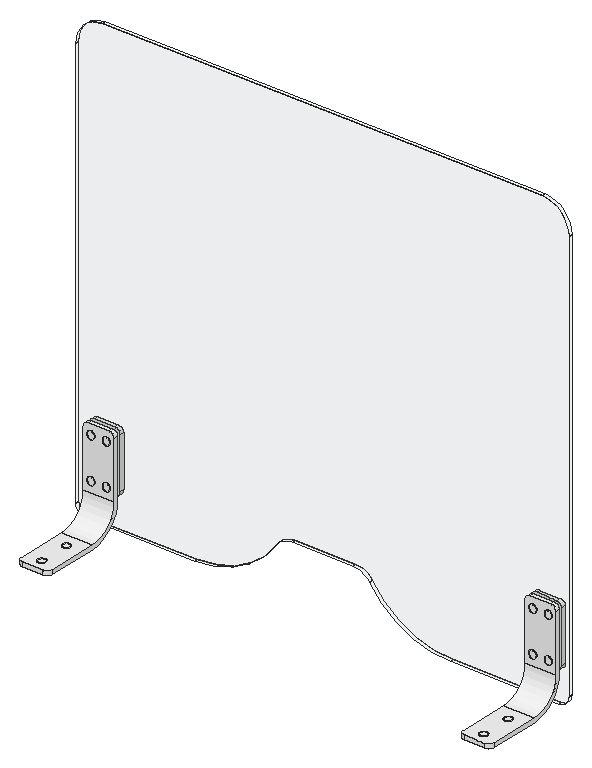
Revit family "Clarus_beShield_Back Bolt Legs_R18", category Furniture, host Face, Revit 2018
Family settings
  Host = Face
  Cut with Voids When Loaded = No
  Shared = No
  Room Calculation Point = No
Parameters (values of type "48" x 44"")
  Window [instance] = yes
  Width = 48"
  URL = "https://www.clarus.com/"
  TRC Standards [instance] = "http://therevitcollection.com/news/trc-news-the-revit-collection-standards-explained/"
  Shield [instance] = not(Window)  # no
  Product URL = "https://www.clarus.com/be-shield/"
  More Revit Families! [instance] = "www.therevitcollection.com"
  Modeled By = "Commense Studio"  # constant formula
  Model = "be! Shield"  # constant formula
  Manufacturer = "Clarus"  # constant formula
  Leg Finish [instance] = Clarus White
  Glass Depth = 3/8"
  Clarus Glass [instance] = Glass
  Description = "be! Shield is elegantly engineered to add a seamless layer of non-porous, antimicrobial tempered glass to ensure the health and safety of patrons and employees. It’s the perfect solution for the collaborative needs of your workspace."  # constant formula
  Height = 44"
  Designer = ""
  Depth = 12"  # constant formula
  Default Elevation = 0"
  Assembly Code = ""
Types (7): name | Width | Leg Finish | Height
  (no name) | 48" | Clarus White | 44"
  36" x 24" | 36" | Clarus Black | 24"
  48" x 24" | 48" | Clarus White | 24"
  36" x 34" | 36" | Clarus White | 34"
  48" x 34" | 48" | Clarus Black | 34"
  36" x 44" | 36" | Clarus Black | 44"
  48" x 44" | 48" | Clarus White | 44"
Reference planes (in)
  plane 1 "Center (Front/Back)": y = 0
  plane 2: z = 0
  plane 3 "Center (Left/Right)": x = 0
  plane 4 "L": x = -24
  plane 5 "R": x = 24
  plane 6 "B": y = 0.1875
  plane 7 "F": y = -0.1875
  plane 8: z = 44
  plane 9: x = 12.5
  plane 10: x = -12.5
  plane 11: z = 5.25
  plane 12: x = -21.5
  plane 13: x = 21.5
Forms (in)
  Extrusion 1, solid, material "Glass" <- "Clarus Glass", visible <- "Window"
    sketch origin (0, 0, 0) x (1, 0, 0) y (0, 0, 1)
      loop
        arc (-21.375, 44) -> (-23.23116, 43.23116) -> (-24, 41.375) r 2.625
        line (-24, 41.375) -> (-24, 1.25)
        arc (-24, 1.25) -> (-23.70711, 0.54289) -> (-23, 0.25) r 1
        line (-23, 0.25) -> (-12.42908, 0.25)
        arc (-12.42908, 0.25) -> (-7.99968, 1.34581) -> (-4.59213, 4.38043) r 9.5
        arc (-4.59213, 4.38043) -> (-3.87475, 5.0193) -> (-2.94225, 5.25) r 2
        line (-2.94225, 5.25) -> (2.94225, 5.25)
        arc (2.94225, 5.25) -> (3.87475, 5.0193) -> (4.59213, 4.38043) r 2
        arc (4.59213, 4.38043) -> (7.99968, 1.34581) -> (12.42908, 0.25) r 9.5
        line (12.42908, 0.25) -> (23, 0.25)
        arc (23, 0.25) -> (23.70711, 0.54289) -> (24, 1.25) r 1
        line (24, 1.25) -> (24, 41.375)
        arc (24, 41.375) -> (23.23116, 43.23116) -> (21.375, 44) r 2.625
        line (21.375, 44) -> (-21.375, 44)
    from -0.1875 to 0.1875
  Extrusion 2, solid, material "Glass" <- "Clarus Glass", visible <- "Shield"
    sketch origin (0, 0, 0) x (1, 0, 0) y (0, 0, 1)
      loop
        arc (-21.375, 44) -> (-23.23116, 43.23116) -> (-24, 41.375) r 2.625
        line (-24, 41.375) -> (-24, 1.25)
        arc (-24, 1.25) -> (-23.70711, 0.54289) -> (-23, 0.25) r 1
        line (-23, 0.25) -> (23, 0.25)
        arc (23, 0.25) -> (23.70711, 0.54289) -> (24, 1.25) r 1
        line (24, 1.25) -> (24, 41.375)
        arc (24, 41.375) -> (23.23116, 43.23116) -> (21.375, 44) r 2.625
        line (21.375, 44) -> (-21.375, 44)
    from -0.1875 to 0.1875
Dimensions and locks (in)
  equal spacing: plane 4 "L", plane 3 "Center (Left/Right)", plane 5 "R"
  "Width": plane 4 "L" to plane 5 "R"
  equal spacing: plane 7 "F", plane 1 "Center (Front/Back)", plane 6 "B"
  "Glass Depth": plane 7 "F" to plane 6 "B"
  "Height": plane 8 to level
  plane 10 to plane 3 "Center (Left/Right)" to plane 9 = 12 1/2", 12 1/2"
  plane 11 to level = 5 1/4"
  locked: plane 4 "L" to plane 12 at 2.5
  locked: plane 13 to plane 5 "R" at 2.5
  aligned and locked: plane 2 to host face
  aligned and locked: level to host face
  aligned and locked: Extrusion 1 sketch curve to plane 11
  aligned and locked: Extrusion 1 to plane 6 "B"
  aligned and locked: plane 7 "F" to Extrusion 1
  aligned and locked: nested 1 to plane 12
  aligned and locked: plane 13 to nested 2
  aligned and locked: plane 4 "L" to Extrusion 2 sketch curve
  aligned and locked: Extrusion 2 sketch curve to plane 5 "R"
  aligned and locked: Extrusion 2 sketch curve to plane 8
  aligned and locked: nested 1 to plane 6 "B"
  aligned and locked: plane 6 "B" to nested 2
Automatic sketch dimensions
  host sketch curve to host sketch curve = 96"  (x2)
  Extrusion 1 sketch curve to plane 4 "L" = 0"
  Extrusion 1 sketch curve to plane 8 = 0"
  Extrusion 1 sketch curve to plane 5 "R" = 0"
  level to Extrusion 1 sketch curve = 1/4"  (x2)
  plane 4 "L" to Extrusion 1 sketch curve = 1"
  plane 4 "L" to Extrusion 1 sketch curve = 2 5/8"
  Extrusion 1 sketch curve to plane 3 "Center (Left/Right)" = 2.94225"
  plane 3 "Center (Left/Right)" to Extrusion 1 sketch curve = 2.94225"
  Extrusion 1 sketch curve to plane 9 = 0.07092"
  Extrusion 1 sketch curve to Extrusion 1 sketch curve = 2 5/8"
  Extrusion 1 sketch curve to plane 5 "R" = 1"
  Extrusion 1 sketch curve to plane 11 = 2"  (x2)
  plane 11 to Extrusion 1 sketch curve = 4 1/2"  (x2)
  Extrusion 1 sketch curve to plane 10 = 0.07092"
  level to Extrusion 2 sketch curve = 1/4"
  plane 4 "L" to Extrusion 2 sketch curve = 1"
  Extrusion 2 sketch curve to plane 12 = 1/8"
  Extrusion 2 sketch curve to plane 13 = 1/8"
  Extrusion 2 sketch curve to Extrusion 2 sketch curve = 1"
Nested families (in)
  nested 1: "Clarus_beShield_Back Bolt_R18" at (-21.5, 0.5625, 0), Core Finish <- "Leg Finish", type "Clamp"
    with TRC Standards "http://therevitcollection.com/news/trc-news-the-revit-collection-standards-explained/", More Revit Families! "www.therevitcollection.com", Core Finish Clarus White
  nested 2: "Clarus_beShield_Back Bolt_R18" at (21.5, 0.5625, 0), Core Finish <- "Leg Finish", type "Clamp"
    with TRC Standards "http://therevitcollection.com/news/trc-news-the-revit-collection-standards-explained/", More Revit Families! "www.therevitcollection.com", Core Finish Clarus White
Definition of nested family "Clarus_beShield_Back Bolt_R18"
  Parameters (values of type "Clamp")
    Width = 3"  # constant formula
    URL = "https://www.clarus.com/"
    TRC Standards [instance] = "http://therevitcollection.com/news/trc-news-the-revit-collection-standards-explained/"
    Product URL = "https://www.clarus.com/be-shield/"
    More Revit Families! [instance] = "www.therevitcollection.com"
    Modeled By = "Commense Studio"  # constant formula
    Model = "be! Shield"  # constant formula
    Manufacturer = "Clarus"  # constant formula
    Core Finish [instance] = none
    Description = "be! Shield Leg Configs"  # constant formula
    Height = 9"  # constant formula
    Designer = ""
    Depth = 8 7/8"  # constant formula
    Default Elevation = 0"
    Assembly Code = ""
  Reference planes (in)
    plane 1 "Center (Front/Back)": y = 0
    plane 2: z = 0
    plane 3 "Center (Left/Right)": x = 0
    plane 4 "L": x = -1.5
    plane 5 "R": x = 1.5
    plane 6 "F": y = -9.125
    plane 7: z = 9
    plane 8: y = -0.375
    plane 9: y = -0.75
    plane 10: y = -1.125
  Forms (in)
    Extrusion 1, solid
      sketch origin (0, 0, 0) x (1, 0, 0) y (0, 1, 0)
        loop
          line (-48, 48) -> (-48, -48) -> (48, -48) -> (48, 48) -> (-48, 48)
      from 0 to -12
    Extrusion 2, solid, material <- "Core Finish"
      sketch origin (10.61611, 0, 0) x (0, 0, 1) y (0, -1, 0)
        loop
          line (0.375, 3.75) -> (0.375, 9.125) -> (0, 9.125) -> (0, 3.75)
          arc (0, 3.75) -> (0.87868, 1.62868) -> (3, 0.75) r 3
          line (3, 0.75) -> (3, 1.125)
          arc (3, 1.125) -> (1.14385, 1.89384) -> (0.375, 3.75) r 2.625
      from -12.11611 to -9.11611
    Extrusion 3, solid, material <- "Core Finish"
      sketch origin (0, 0, 0) x (1, 0, 0) y (0, 0, 1)
        loop
          arc (-1, 9) -> (-1.35355, 8.85355) -> (-1.5, 8.5) r 0.5
          line (-1.5, 8.5) -> (-1.5, 3.50001)
          arc (-1.5, 3.50001) -> (-1.35355, 3.14645) -> (-1, 3.00001) r 0.5
          line (-1, 3.00001) -> (1, 3.00001)
          arc (1, 3.00001) -> (1.35355, 3.14645) -> (1.5, 3.50001) r 0.5
          line (1.5, 3.50001) -> (1.5, 8.5)
          arc (1.5, 8.5) -> (1.35355, 8.85355) -> (1, 9) r 0.5
          line (1, 9) -> (-1, 9)
      from 0 to 0.375
    Extrusion 4, solid, material <- "Core Finish"
      sketch origin (0, -0.75984, 0) x (1, 0, 0) y (0, 0, 1)
        loop
          arc (-1, 9) -> (-1.35355, 8.85355) -> (-1.5, 8.5) r 0.5
          line (-1.5, 8.5) -> (-1.5, 3.00001) -> (1.5, 3.00001) -> (1.5, 8.5)
          arc (1.5, 8.5) -> (1.35355, 8.85355) -> (1, 9) r 0.5
          line (1, 9) -> (-1, 9)
      from -0.00984 to 0.36516
    Extrusion 5, void
      sketch origin (0, 0, 0) x (1, 0, 0) y (0, 0, 1)
        loop
          circle (-0.75197, 8.00344) r 0.37503
        loop
          circle (-0.75197, 8.00344) r 0.3594
        loop
          circle (0.75197, 8.00344) r 0.37503
        loop
          circle (0.75197, 8.00344) r 0.3594
        loop
          circle (-0.75197, 4.00344) r 0.37503
        loop
          circle (-0.75197, 4.00344) r 0.3594
        loop
          circle (0.75197, 4.00344) r 0.37503
        loop
          circle (0.75197, 4.00344) r 0.3594
      from 0 to 2
    Extrusion 6, void
      sketch origin (0, 0, 0) x (1, 0, 0) y (0, 1, 0)
        loop
          arc (-1, -9.125) -> (-1.35355, -8.97855) -> (-1.5, -8.625) r 0.5
          line (-1.5, -8.625) -> (-1.5, -9.125) -> (-1, -9.125)
        loop
          line (1, -9.125) -> (1.5, -9.125) -> (1.5, -8.625)
          arc (1.5, -8.625) -> (1.35355, -8.97855) -> (1, -9.125) r 0.5
      from -3 to 1.50691
    Extrusion 7, void
      sketch origin (0, 0.5, 0) x (1, 0, 0) y (0, 1, 0)
        loop
          circle (0, -5.5625) r 0.37503
        loop
          circle (0, -5.5625) r 0.3594
        loop
          circle (0, -8.5625) r 0.37503
        loop
          circle (0, -8.5625) r 0.3594
      from 0 to 0.5
  Cuts and joins
    Extrusion 5, Extrusion 6, Extrusion 7 cuts Extrusion 2
    Extrusion 5, Extrusion 6, Extrusion 7 cuts Extrusion 4
    joined: Extrusion 2, Extrusion 4
    Extrusion 5 cuts Extrusion 3
  Dimensions and locks (in)
    equal spacing: plane 4 "L", plane 3 "Center (Left/Right)", plane 5 "R"
    "Width": plane 4 "L" to plane 5 "R"
    plane 6 "F" to plane 1 "Center (Front/Back)" = 9 1/8"  (x2)
    "Height": plane 7 to level
    plane 9 to plane 8 to plane 1 "Center (Front/Back)" = 3/8" locked, 3/8"
    aligned and locked: plane 2 to Extrusion 1
    aligned and locked: level to Extrusion 1
    aligned and locked: Extrusion 2 to plane 4 "L"
    aligned and locked: plane 5 "R" to Extrusion 2
    aligned and locked: Extrusion 3 to plane 1 "Center (Front/Back)"
    aligned and locked: plane 8 to Extrusion 3
    aligned and locked: cut or joined group of Extrusion 2, Extrusion 4, Extrusion 5, Extrusion 6, Extrusion 7 to plane 9
    aligned and locked: plane 10 to cut or joined group of Extrusion 2, Extrusion 4, Extrusion 5, Extrusion 6, Extrusion 7
    aligned and locked: plane 8 to cut or joined group of Extrusion 3, Extrusion 5
    aligned and locked: cut or joined group of Extrusion 3, Extrusion 5 to plane 1 "Center (Front/Back)"
  Automatic sketch dimensions
    Extrusion 1 sketch curve to Extrusion 1 sketch curve = 96"  (x2)
    Extrusion 2 sketch curve to plane 6 "F" = 0"
    Extrusion 2 sketch curve to plane 10 = 0"
    level to Extrusion 2 sketch curve = 0"
    Extrusion 2 sketch curve to Extrusion 2 sketch curve = 3/8"
    Extrusion 2 sketch curve to Extrusion 2 sketch curve = 2 5/8"
    plane 9 to Extrusion 2 sketch curve = 0"
    Extrusion 2 sketch curve to Extrusion 2 sketch curve = 0"  (x2)
    Extrusion 3 sketch curve to plane 4 "L" = 0"
    Extrusion 3 sketch curve to plane 7 = 0"
    Extrusion 3 sketch curve to plane 5 "R" = 0"
    plane 4 "L" to Extrusion 3 sketch curve = 1/2"  (x2)
    Extrusion 3 sketch curve to plane 5 "R" = 1/2"  (x2)
    level to Extrusion 3 sketch curve = 3 1/2"
    Extrusion 4 sketch curve to plane 4 "L" = 0"
    Extrusion 4 sketch curve to plane 7 = 0"
    Extrusion 4 sketch curve to plane 5 "R" = 0"
    plane 4 "L" to Extrusion 4 sketch curve = 1/2"
    Extrusion 4 sketch curve to plane 5 "R" = 1/2"
    level to Extrusion 4 sketch curve = 3"
    Extrusion 5 sketch curve to Extrusion 5 sketch curve = 0"  (x9)
    plane 4 "L" to Extrusion 5 sketch curve = 0.74803"  (x2)
    Extrusion 5 sketch curve to plane 5 "R" = 0.74803"  (x2)
    level to Extrusion 5 sketch curve = 4.00344"
    Extrusion 5 sketch curve to plane 7 = 0.99656"  (x2)
    Extrusion 6 sketch curve to plane 4 "L" = 0"  (x2)
    plane 6 "F" to Extrusion 6 sketch curve = 0"  (x2)
    Extrusion 6 sketch curve to plane 5 "R" = 0"  (x2)
    plane 4 "L" to Extrusion 6 sketch curve = 1/2"
    Extrusion 6 sketch curve to Extrusion 6 sketch curve = 1/2"
    Extrusion 6 sketch curve to Extrusion 6 sketch curve = 0"  (x4)
    Extrusion 7 sketch curve to Extrusion 7 sketch curve = 0"  (x4)
    Extrusion 7 sketch curve to plane 3 "Center (Left/Right)" = 0"  (x2)
    Extrusion 7 sketch curve to plane 10 = 3 15/16"
    Extrusion 7 sketch curve to plane 6 "F" = 1 1/16"
    radius of Extrusion 5 sketch curve = 0.37503"  (x4)
    radius of Extrusion 5 sketch curve = 0.3594"  (x4)
    radius of Extrusion 7 sketch curve = 0.37503"  (x2)
    radius of Extrusion 7 sketch curve = 0.3594"  (x2)
